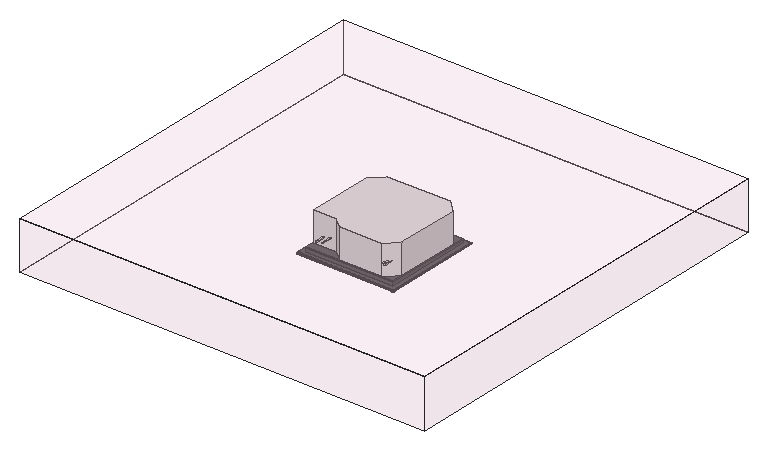
Revit family "Hitachi_Silent-iconic-design-black-EU_LOD400", category Mechanical Equipment, Revit 2018
Family settings
  Round Connector Dimension = Use Diameter
  Classification = None
  Part Type = Normal
  OmniClass Number = 23.75.70.00
  OmniClass Title = HVAC Distribution Devices
  Work Plane-Based = No
  Always vertical = Yes
  Cut with Voids When Loaded = No
  Shared = No
  Room Calculation Point = No
Parameters (values of type "RCI-6.0FSR1 + P-GP160KAP")
  Uniformat code = "D3040"
  Uniformat = "Distribution Systems"
  Sound Pressure Level (hi) = 49
  Sound Pressure Level (Me) = 45
  Sound Pressure Level (Lo) = 49
  Sound Pressure Level (Hi2) = 51
  Refrigerant Type = ""
  Object type = ""
  Model = "4-way cassette Design Panel Silent-Iconic (Standard Black) - EU"
  Indoor fan - Air Flow Rate (Me) = 1680.0 L/s
  Indoor fan - Air Flow Rate (Lo) = 1320.0 L/s
  Indoor fan - Air Flow Rate (Hi2) = 2220.0 L/s
  Indoor fan - Air Flow Rate (Hi) = 2100.0 L/s
  Nominal Heating Capacity = 18000 W
  Manufacturer = "Hitachi Air Conditioning Europe SAS"
  Nominal Cooling Capacity = 16000 W
  Clearance Zone [instance] = yes
  Reference description = "Standard (Black)"
  Reference = "RCI-6.0FSR1 + P-GP160KAP"
  RCI Height = 298 mm
  Product Code = "RCI-6.0FSR1 + P-GP160KAP"
  Overall width = 950 mm
  Overall height = 328 mm
  Overall depth = 950 mm
  Outlet Diameter = 32 mm
  OmniClass description = "Air Handling Units"
  OmniClass code = "23-33 25 00"
  Number of Phases = 1
  Nominal Voltage = 230 V
  Net Weight = 34.50 kg
  Name BIM&CO = "Indoor Unit"
  Minimum AC Voltage = 207 V
  Maximum AC Voltage = 253 V
  Masterformat Code = "23 73 00"
  MasterFormat = "Indoor Central-Station Air-Handling Units"
  Liquid Diameter = 9.52 mm
  Gas Diameter = 15.88 mm
  GTIN (Global Trade Item Number) = ""
  Frequency = 50 Hz
  Connection type = "flare-nut connection"
  BIM&CO code = ""
  BC_VARIANT_ID = "963905"
  BC_OBJECT_VERSION = "#3"  # constant formula
  BC_OBJECT_ID = "428633"  # constant formula
  BC_MODEL_ID = "1194582"  # constant formula
Types (8, lengths in mm): name | Sound Pressure Level (hi) | Sound Pressure Level (Me) | Sound Pressure Level (Lo) | Sound Pressure Level (Hi2) | Nominal Heating Capacity | Nominal Cooling Capacity | Reference | Product Code | Net Weight | Liquid Diameter | Gas Diameter | BC_VARIANT_ID
  RCI-1.0FSR1 + P-GP160KAP | 32 | 30 | 29 | 35 | 3200 W | 2800 W | "RCI-1.0FSR1 + P-GP160KAP" | "RCI-1.0FSR1 + P-GP160KAP" | 28.50 kg | 6.35 | 12.7 | "963898"
  RCI-1.5FSR1 + P-GP160KAP | 33 | 32 | 29 | 37 | 4800 W | 4000 W | "RCI-1.5FSR1 + P-GP160KAP" | "RCI-1.5FSR1 + P-GP160KAP" | 29.50 kg | 6.35 | 12.7 | "963899"
  RCI-2.0FSR1 + P-GP160KAP | 34 | 32 | 30 | 39 | 6300 W | 5600 W | "RCI-2.0FSR1 + P-GP160KAP" | "RCI-2.0FSR1 + P-GP160KAP" | 29.50 kg | 6.35 | 12.7 | "963900"
  RCI-2.5FSR1 + P-GP160KAP | 39 | 35 | 31 | 45 | 8500 W | 7100 W | "RCI-2.5FSR1 + P-GP160KAP" | "RCI-2.5FSR1 + P-GP160KAP" | 30.50 kg | 9.52 | 15.88 | "963901"
  RCI-3.0FSR1 + P-GP160KAP | 38 | 34 | 32 | 43 | 9000 W | 8000 W | "RCI-3.0FSR1 + P-GP160KAP" | "RCI-3.0FSR1 + P-GP160KAP" | 34.50 kg | 9.52 | 15.88 | "963902"
  RCI-4.0FSR1 + P-GP160KAP | 46 | 41 | 35 | 51 | 12500 W | 11200 W | "RCI-4.0FSR1 + P-GP160KAP" | "RCI-4.0FSR1 + P-GP160KAP" | 34.50 kg | 9.52 | 15.88 | "963903"
  RCI-5.0FSR1 + P-GP160KAP | 48 | 43 | 37 | 51 | 16000 W | 14000 W | "RCI-5.0FSR1 + P-GP160KAP" | "RCI-5.0FSR1 + P-GP160KAP" | 34.50 kg | 9.52 | 15.88 | "963904"
  RCI-6.0FSR1 + P-GP160KAP | 49 | 45 | 49 | 51 | 18000 W | 16000 W | "RCI-6.0FSR1 + P-GP160KAP" | "RCI-6.0FSR1 + P-GP160KAP" | 34.50 kg | 9.52 | 15.88 | "963905"
Reference planes
  plane 1 "Centre (avant/arrière)": y = 0
  plane 2: z = 0
  plane 3 "Centre (gauche/droite)": x = 0
  plane 4: x = -475
  plane 5: x = 475
  plane 6: y = 475
  plane 7: y = -475
  plane 8: z = 326
  plane 9: y = 366.5
  plane 10: y = -366.5
  plane 11: x = -366.5
  plane 12: x = 366.5
  plane 13: z = 28
  plane 14: z = 426
Forms (mm)
  Extrusion 1, solid, material "Hitachi-Steel-Black"
    sketch origin (0, 0, -3) x (-1, 0, 0) y (0, 0, 1)
      loop
        line (316.25, -28.5) -> (308.75, -28.5) -> (308.75, -48.5) -> (316.25, -48.5) -> (316.25, -28.5)
      loop
        line (366.25, -28.5) -> (358.75, -28.5) -> (358.75, -48.5) -> (366.25, -48.5) -> (366.25, -28.5)
      loop
        line (341.25, -28.5) -> (333.75, -28.5) -> (333.75, -48.5) -> (341.25, -48.5) -> (341.25, -28.5)
      loop
        line (291.25, -28.5) -> (283.75, -28.5) -> (283.75, -48.5) -> (291.25, -48.5) -> (291.25, -28.5)
      loop
        line (216.25, -28.5) -> (208.75, -28.5) -> (208.75, -48.5) -> (216.25, -48.5) -> (216.25, -28.5)
      loop
        line (266.25, -28.5) -> (258.75, -28.5) -> (258.75, -48.5) -> (266.25, -48.5) -> (266.25, -28.5)
      loop
        line (241.25, -28.5) -> (233.75, -28.5) -> (233.75, -48.5) -> (241.25, -48.5) -> (241.25, -28.5)
      loop
        line (191.25, -28.5) -> (183.75, -28.5) -> (183.75, -48.5) -> (191.25, -48.5) -> (191.25, -28.5)
      loop
        line (116.25, -28.5) -> (108.75, -28.5) -> (108.75, -48.5) -> (116.25, -48.5) -> (116.25, -28.5)
      loop
        line (166.25, -28.5) -> (158.75, -28.5) -> (158.75, -48.5) -> (166.25, -48.5) -> (166.25, -28.5)
      loop
        line (141.25, -28.5) -> (133.75, -28.5) -> (133.75, -48.5) -> (141.25, -48.5) -> (141.25, -28.5)
      loop
        line (91.25, -28.5) -> (83.75, -28.5) -> (83.75, -48.5) -> (91.25, -48.5) -> (91.25, -28.5)
      loop
        line (16.25, -28.5) -> (8.75, -28.5) -> (8.75, -48.5) -> (16.25, -48.5) -> (16.25, -28.5)
      loop
        line (66.25, -28.5) -> (58.75, -28.5) -> (58.75, -48.5) -> (66.25, -48.5) -> (66.25, -28.5)
      loop
        line (41.25, -28.5) -> (33.75, -28.5) -> (33.75, -48.5) -> (41.25, -48.5) -> (41.25, -28.5)
      loop
        line (-316.25, -28.5) -> (-316.25, -48.5) -> (-308.75, -48.5) -> (-308.75, -28.5) -> (-316.25, -28.5)
      loop
        line (-366.25, -28.5) -> (-366.25, -48.5) -> (-358.75, -48.5) -> (-358.75, -28.5) -> (-366.25, -28.5)
      loop
        line (-341.25, -28.5) -> (-341.25, -48.5) -> (-333.75, -48.5) -> (-333.75, -28.5) -> (-341.25, -28.5)
      loop
        line (-291.25, -28.5) -> (-291.25, -48.5) -> (-283.75, -48.5) -> (-283.75, -28.5) -> (-291.25, -28.5)
      loop
        line (-216.25, -28.5) -> (-216.25, -48.5) -> (-208.75, -48.5) -> (-208.75, -28.5) -> (-216.25, -28.5)
      loop
        line (-266.25, -28.5) -> (-266.25, -48.5) -> (-258.75, -48.5) -> (-258.75, -28.5) -> (-266.25, -28.5)
      loop
        line (-241.25, -28.5) -> (-241.25, -48.5) -> (-233.75, -48.5) -> (-233.75, -28.5) -> (-241.25, -28.5)
      loop
        line (-191.25, -28.5) -> (-191.25, -48.5) -> (-183.75, -48.5) -> (-183.75, -28.5) -> (-191.25, -28.5)
      loop
        line (-116.25, -28.5) -> (-116.25, -48.5) -> (-108.75, -48.5) -> (-108.75, -28.5) -> (-116.25, -28.5)
      loop
        line (-166.25, -28.5) -> (-166.25, -48.5) -> (-158.75, -48.5) -> (-158.75, -28.5) -> (-166.25, -28.5)
      loop
        line (-141.25, -28.5) -> (-141.25, -48.5) -> (-133.75, -48.5) -> (-133.75, -28.5) -> (-141.25, -28.5)
      loop
        line (-91.25, -28.5) -> (-91.25, -48.5) -> (-83.75, -48.5) -> (-83.75, -28.5) -> (-91.25, -28.5)
      loop
        line (-16.25, -28.5) -> (-16.25, -48.5) -> (-8.75, -48.5) -> (-8.75, -28.5) -> (-16.25, -28.5)
      loop
        line (-66.25, -28.5) -> (-66.25, -48.5) -> (-58.75, -48.5) -> (-58.75, -28.5) -> (-66.25, -28.5)
      loop
        line (-41.25, -28.5) -> (-41.25, -48.5) -> (-33.75, -48.5) -> (-33.75, -28.5) -> (-41.25, -28.5)
    from -366.5 to 366.5
  Sweep 2, solid, material "Hitachi-Plastic-Black"
    path origin (0, 0, 0) x (1, 0, 0) y (0, 1, 0)
      loop
        line (-475, 475) -> (-475, -475) -> (475, -475) -> (475, 475) -> (-475, 475)
    profile origin (-475, 0, 0) x (1, 0, 0) y (0, 0, 1)
      loop
        line (0, -3) -> (0.996, -14.347)
        arc (0.996, -14.347) -> (1.577, -15.524) -> (2.8, -16) r 1.811
        line (2.8, -16) -> (49, -16) -> (49, -20) -> (107.5, -20) -> (107.5, -24.5) -> (108.5, -24.5) -> (117, -27.9) -> (117, -29.5) -> (108.5, -29.5) -> (108.5, -31.5) -> (203.947, -31.5) -> (203.947, 40) -> (49.035, 40) -> (49.035, 29.684) -> (46.438, 0) -> (8.343, 0) -> (8.343, -3) -> (0, -3)
  Extrusion 3, solid, material "Hitachi-Plastic-Black"
    sketch origin (0, 0, 0) x (1, 0, 0) y (0, 1, 0)
      loop
        line (-271.053, 271.053) -> (-271.053, -271.053) -> (271.053, -271.053) -> (271.053, 271.053) -> (-271.053, 271.053)
    from -24.5 to 40
Cuts and joins
  joined: Sweep 2, Extrusion 3
Dimensions and locks
  equal spacing: plane 4, plane 3 "Centre (gauche/droite)", plane 5
  "Overall width": plane 4 to plane 5
  equal spacing: plane 6, plane 1 "Centre (avant/arrière)", plane 7
  "Overall depth": plane 6 to plane 7
  locked: plane 14 to plane 8 at 100
  locked: plane 13 to plane 2 at 28
  "RCI Height": plane 8 to plane 13
  aligned and locked: level to plane 2
  aligned and locked: Sweep 2 sketch curve to plane 4
  aligned and locked: Sweep 2 sketch curve to plane 6
  aligned and locked: plane 5 to Sweep 2 sketch curve
  aligned and locked: Sweep 2 sketch curve to plane 7
  aligned and locked: plane 3 "Centre (gauche/droite)" to nested 1
  aligned and locked: plane 1 "Centre (avant/arrière)" to nested 1
Automatic sketch dimensions
  plane 11 to Extrusion 3 sketch curve = 95.447 mm
  Extrusion 3 sketch curve to plane 12 = 95.447 mm
  plane 10 to Extrusion 3 sketch curve = 95.447 mm
  Extrusion 3 sketch curve to plane 9 = 95.447 mm
  Extrusion 1 sketch curve to plane 12 = 0.25 mm
  Extrusion 1 sketch curve to Extrusion 1 sketch curve = 7.5 mm  (x29)
  Extrusion 1 sketch curve to Extrusion 1 sketch curve = 17.5 mm  (x26)
  plane 3 "Centre (gauche/droite)" to Extrusion 1 sketch curve = 16.25 mm
  Extrusion 1 sketch curve to plane 3 "Centre (gauche/droite)" = 8.75 mm
  plane 11 to Extrusion 1 sketch curve = 7.75 mm
  plane 11 to Extrusion 1 sketch curve = 0.25 mm
  Extrusion 1 sketch curve to level = 51.5 mm  (x5)
  Extrusion 1 sketch curve to Extrusion 1 sketch curve = 0 mm  (x45)
  Extrusion 1 sketch curve to Extrusion 1 sketch curve = 20 mm  (x10)
  profile plane to Sweep 2 sketch curve = 0 mm
  Sweep 2 sketch curve to level = 0 mm
  Sweep 2 sketch curve to profile plane = 0.996 mm
  Sweep 2 sketch curve to Sweep 2 sketch curve = 1.804 mm
  Sweep 2 sketch curve to profile plane = 8.343 mm
  Sweep 2 sketch curve to level = 20 mm
  Sweep 2 sketch curve to Sweep 2 sketch curve = 40.657 mm
  Sweep 2 sketch curve to profile plane = 49.035 mm
  Sweep 2 sketch curve to Sweep 2 sketch curve = 58.5 mm
  Sweep 2 sketch curve to level = 24.5 mm
  Sweep 2 sketch curve to Sweep 2 sketch curve = 1 mm
  Sweep 2 sketch curve to Sweep 2 sketch curve = 0 mm
  Sweep 2 sketch curve to Sweep 2 sketch curve = 8.5 mm
  Sweep 2 sketch curve to level = 31.5 mm
  Sweep 2 sketch curve to Sweep 2 sketch curve = 86.947 mm
  Sweep 2 sketch curve to Sweep 2 sketch curve = 2 mm
  Sweep 2 sketch curve to Sweep 2 sketch curve = 1.6 mm
  Sweep 2 sketch curve to Sweep 2 sketch curve = 4 mm
  Sweep 2 sketch curve to Sweep 2 sketch curve = 1.653 mm
  Sweep 2 sketch curve to level = 3 mm
  level to Sweep 2 sketch curve = 40 mm
  Sweep 2 sketch curve to Sweep 2 sketch curve = 2.562 mm
  Sweep 2 sketch curve to Sweep 2 sketch curve = 10.316 mm
Nested families
  nested 1: "Cassette 800 x 800 RCI FSR" at (0, 0, 28), type "Cassette 800 x 800 RCI FSR"
    with Overall height 298 mm
  nested 2: "BC_Clearance-zone" at (0, 1164.917, -51.5), visible <- "Clearance Zone", type "BC_Clearance-zone"
    with Width 3950 mm, Height 477.5 mm, Depth 3950 mm
Connectors
  piping at (-325, -420, 118), diameter 609.6
    settings: on nested 1, index 1, connector inside diameter 609.6 mm, connector length 0 mm, flow factor 0, pipe flow 0.0 L/s, pressure drop 0.0 Pa, fitting loss kfactor 0, connector angle 0.00°, fixture units 0, engagement length 0 mm, angle of deflection 0.00°, flow configuration 0, flow direction 0, fitting loss method 0, system type 7, joint type 0, gender type 0, connector reference index -1, connector utility 0, adjustable connector no, is connector primary yes, connector description ""
  piping at (-260, -430, 135), diameter 9.5
    settings: on nested 1, index 2, connector inside diameter 609.6 mm, connector length 0 mm, flow factor 0, pipe flow 0.0 L/s, pressure drop 0.0 Pa, fitting loss kfactor 0, connector angle 0.00°, fixture units 0, engagement length 0 mm, angle of deflection 0.00°, flow configuration 0, flow direction 0, fitting loss method 0, system type 7, joint type 0, gender type 0, connector reference index -1, connector utility 0, adjustable connector no, is connector primary no, connector description ""
  piping at (338, -420, 162), diameter 25
    settings: on nested 1, index 3, connector inside diameter 609.6 mm, connector length 0 mm, flow factor 0, pipe flow 0.0 L/s, pressure drop 0.0 Pa, fitting loss kfactor 0, connector angle 0.00°, fixture units 0, engagement length 0 mm, angle of deflection 0.00°, flow configuration 0, flow direction 0, fitting loss method 0, system type 7, joint type 0, gender type 0, connector reference index -1, connector utility 0, adjustable connector no, is connector primary no, connector description ""
  electrical at (0.274, -40.571, 326), driven by "Nominal Voltage"
    settings: on nested 1, index 4, voltage 230 V, apparent load 0 VA, apparent load phase1 0 VA, apparent load phase2 0 VA, apparent load phase3 0 VA, power factor 1, load classification "Autre", number of poles 1, system type 31, power factor state 1, is connector primary yes, connector utility no, sub classification motor no, connector description ""
Definition of nested family "Cassette 800 x 800 RCI FSR"
  Parameters (values of type "Cassette 800 x 800 RCI FSR")
    URL = ""
    Overall height = 248 mm
    Outlet Diameter = 25 mm
    Liquid Diameter = 6.35 mm
    Gas Diameter = 12.7 mm
    Description = "Standard Cassette 800*800.Individual control setting for each louver. Suitable up to 4,2 m height under ceiling . Optional motion sensor"
    Model = "Cassette 800 x 800 RCI FSR"
    Manufacturer = "Hitachi Air Conditioning Europe SAS"
    Default Elevation = 1219.2 mm
    Type Comments = ""
  Reference planes
    plane 1 "Centre (avant/arrière)": y = 0
    plane 2: z = 0
    plane 3 "Centre (gauche/droite)": x = 0
    plane 4 "Back": y = 420
    plane 5 "Right": x = 420
    plane 6 "Left": x = -420
    plane 7 "Front": y = -420
    plane 8: z = 0
    plane 9 "Top": z = 248
  Forms (mm)
    Extrusion 1, solid
      sketch origin (0, 0, 0) x (1, 0, 0) y (0, 1, 0)
        loop
          line (-306.863, 420) -> (-420, 306.863) -> (-420, -336) -> (-204.8, -336) -> (-99.6, -420) -> (306.863, -420) -> (420, -306.863) -> (420, 306.863) -> (306.863, 420) -> (-306.863, 420)
      from 248 to 0
    Extrusion 2, solid
      sketch origin (55, -336, -18) x (-1, 0, 0) y (0, 0, -1)
        loop
          circle (380, -108) r 6.35
      from 0 to 84
    Extrusion 3, solid
      sketch origin (0, -336, 16) x (-1, 0, 0) y (0, 0, -1)
        loop
          circle (260, -91) r 3.175
      from 0 to 94
    Extrusion 4, solid
      sketch origin (0, -336, 148) x (-1, 0, 0) y (0, 0, -1)
        loop
          circle (-338, 14) r 12.5
      from 0 to 84
  Dimensions and locks
    equal spacing: plane 6 "Left", plane 3 "Centre (gauche/droite)", plane 5 "Right"
    equal spacing: plane 7 "Front", plane 1 "Centre (avant/arrière)", plane 4 "Back"
    plane 6 "Left" to plane 5 "Right" = 840 mm
    plane 4 "Back" to plane 7 "Front" = 840 mm
    "Overall height": plane 9 "Top" to plane 8
    locked: Extrusion 4 sketch curve to plane 8 at 134
    locked: Extrusion 2 sketch curve to plane 8 at 90
    locked: Extrusion 3 sketch curve to plane 8 at 107
    "Gas Diameter": diameter of Extrusion 2 sketch curve
    "Liquid Diameter": diameter of Extrusion 3 sketch curve
    "Outlet Diameter": diameter of Extrusion 4 sketch curve
    aligned and locked: Extrusion 1 sketch curve to plane 7 "Front"
    aligned and locked: Extrusion 1 sketch curve to plane 5 "Right"
    aligned and locked: Extrusion 1 sketch curve to plane 4 "Back"
    aligned and locked: plane 7 "Front" to Extrusion 1 sketch curve
    aligned and locked: Extrusion 1 to plane 9 "Top"
    aligned and locked: Extrusion 1 to plane 8
  Automatic sketch dimensions
    Extrusion 1 sketch curve to plane 6 "Left" = 0 mm
    plane 6 "Left" to Extrusion 1 sketch curve = 113.137 mm
    plane 7 "Front" to Extrusion 1 sketch curve = 84 mm
    plane 3 "Centre (gauche/droite)" to Extrusion 1 sketch curve = 204.8 mm
    plane 3 "Centre (gauche/droite)" to Extrusion 1 sketch curve = 99.6 mm
    plane 5 "Right" to Extrusion 1 sketch curve = 113.137 mm  (x2)
    plane 4 "Back" to Extrusion 1 sketch curve = 113.137 mm  (x2)
    plane 7 "Front" to Extrusion 1 sketch curve = 113.137 mm
    Extrusion 2 sketch curve to plane 6 "Left" = 95 mm
    Extrusion 3 sketch curve to plane 6 "Left" = 160 mm
    Extrusion 4 sketch curve to plane 5 "Right" = 82 mm
Definition of nested family "BC_Clearance-zone"
  Parameters (values of type "BC_Clearance-zone")
    Width [instance] = 2500 mm
    Height [instance] = 1400 mm
    Depth [instance] = 1600 mm
  Reference planes
    plane 1 "Centre (avant/arrière)": y = 0
    plane 2: z = 0
    plane 3 "Centre (gauche/droite)": x = 0
    plane 4: x = -1250
    plane 5: x = 1250
    plane 6: y = 810.083
    plane 7: y = -789.917
    plane 8: z = 1400
  Forms (mm)
    Extrusion 1, solid
      sketch origin (0, 0, 0) x (1, 0, 0) y (0, 1, 0)
        loop
          line (-1250, 810.083) -> (-1250, -789.917) -> (1250, -789.917) -> (1250, 810.083) -> (-1250, 810.083)
      from 0 to 1400
  Lines and regions (mm)
    symbolic lines
      curve 1: line (0, 810.083, 1400) -> (0, -789.917, 1400)
      curve 2: line (0, 810.083, 0) -> (0, 810.083, 1400)
      curve 3: line (0, -789.917, 0) -> (0, 810.083, 0)
      curve 4: line (0, -789.917, 1400) -> (0, -789.917, 0)
      curve 5: line (-1250, 0, 1400) -> (1250, 0, 1400)
      curve 6: line (-1250, 0, 0) -> (-1250, 0, 1400)
      curve 7: line (1250, 0, 0) -> (-1250, 0, 0)
      curve 8: line (1250, 0, 1400) -> (1250, 0, 0)
      curve 9: line (-1250, 810.083, 0) -> (1250, 810.083, 0)
      curve 10: line (-1250, -789.917, 0) -> (-1250, 810.083, 0)
      curve 11: line (1250, -789.917, 0) -> (-1250, -789.917, 0)
      curve 12: line (1250, 810.083, 0) -> (1250, -789.917, 0)
  Dimensions and locks
    equal spacing: plane 4, plane 3 "Centre (gauche/droite)", plane 5
    "Width": plane 4 to plane 5
    plane 6 to plane 1 "Centre (avant/arrière)" to plane 7 = 810.083 mm, 789.917 mm
    "Depth": plane 6 to plane 7
    "Height": plane 8 to plane 2
    aligned and locked: level to plane 2
    aligned and locked: Extrusion 1 sketch curve to plane 6
    aligned and locked: plane 5 to Extrusion 1 sketch curve
    aligned and locked: plane 7 to Extrusion 1 sketch curve
    aligned and locked: plane 4 to Extrusion 1 sketch curve
    aligned and locked: plane 8 to Extrusion 1
    aligned and locked: curve 1 to plane 8
    aligned and locked: plane 2 to curve 3
    aligned and locked: plane 7 to curve 4
    aligned and locked: curve 2 to plane 6
  Automatic sketch dimensions
    curve 7 to level = 0 mm
    curve 7 to plane 4 = 0 mm
    plane 5 to curve 7 = 0 mm
    curve 6 to plane 8 = 0 mm
    curve 11 to plane 4 = 0 mm
    curve 11 to plane 5 = 0 mm
    curve 11 to plane 7 = 0 mm
    curve 10 to plane 6 = 0 mm
